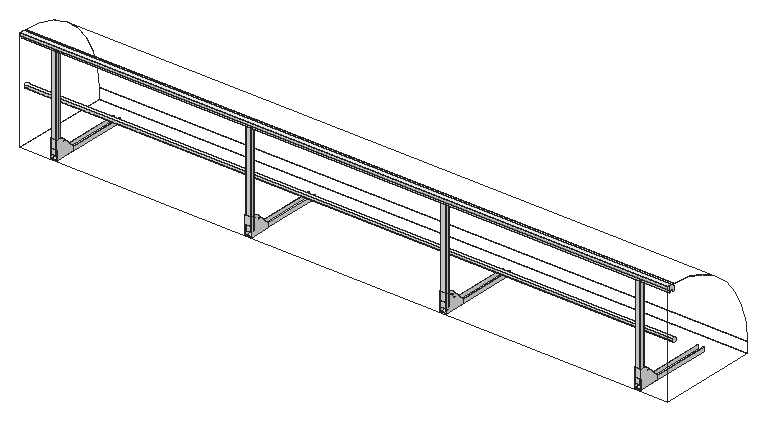
Revit family "Guardrail_Kattsafe_MetalDeckMount_FoldDown", category Specialty Equipment, Revit 2025
Family settings
  Round Connector Dimension = Use Diameter
  Part Type = Normal
  OmniClass Number = 23.17.25.11
  Enable Cutting in Views = No
  Cut with Voids When Loaded = No
  Maintain Annotation Orientation = No
  Shared = No
  Room Calculation Point = No
Parameters (values of type "Type 1")
  Uniclass2015Version = "Products v1.23"
  Uniclass2015Title = "Aluminium handrails"
  Uniclass2015Code = "Pr_25_30_36_03"
  URL = "https://kattsafe.com.au/"
  Type IFC Predefined Type = "GUARDRAIL"
  Type Comments = "Guardrail - Metal Deck Mount - Fold Down"
  SafetyDisclaimer [instance] = "WARNING! The correct placement of access, fall protection and facade maintenance systems is critical to ensure it is fit-for-purpose and safe for the operator to use. Did you know Kattsafe® have a dedicated team of Height Safety System Design Specialists? Kattsafe® provide one-on-one consultation and system design assistance to ensure you are meeting the stringent requirements of height safety and to give you PEACE OF MIND with your project."  # constant formula
  PostsHeightCalc [instance] = if(1 = 1, ManufacturerOverallHeight - 108 mm, 0 mm)  # 942 mm
  PostAngle [instance] = if(Folded, 178.50°, 90.00°)  # 90.00°
  RailClosureBendEnd2 [instance] = no
  RailClosureBendEnd1 [instance] = no
  PostsSingleOption [instance] = if(and(([built-in parameter 1001306] - 56 mm - (PostsOffsetLength * 2)) < 1 mm, ([built-in parameter 1001306] - 56 mm) > 1999 mm), 1 > 0, 1 < 0)  # no
  PostsActualNumberOf [instance] = PostsOffsetLengthCalc3  # 4
  PostsOffsetLengthCalc3 [instance] = if(PostsOffsetLengthCalc > PostsOffsetLengthCalc2, rounddown(PostsOffsetLengthCalc2), PostsOffsetLengthCalc)  # 4
  PostsOffsetLengthCalc2 [instance] = (PostsOverallLength / PostsMaxSpacingLength) + 2  # 4.972
  PostsOffsetLengthCalc [instance] = (PostsOverallLength / PostsMaxSpacingLength) + 2  # 5
  PostsNumberOfCalc3 [instance] = if(and(PostsNumberOfCalc > PostsNumberOfCalc2, PostsOverallLength > PostsMaxSpacingLength * 2), rounddown(PostsNumberOfCalc2), if(PostsOverallLength < (PostsMaxSpacingLength * 2) + 1 mm, 2, PostsNumberOfCalc))  # 2
  PostsNumberOfCalc2 [instance] = (PostsOverallLength / PostsMaxSpacingLength)  # 2.972
  PostsNumberOfCalc [instance] = (PostsOverallLength / PostsMaxSpacingLength)  # 3
  PostsMaxSpacingLength = 2000 mm  # constant formula
  PostsHeight = if(1 = 1, ManufacturerOverallHeight - 42 mm, 0 mm)  # 1008 mm
  PostsArrayOption [instance] = if(([built-in parameter 1001306] - 56 mm - (PostsOffsetLength * 2)) < 1 mm, 1 < 0, 1 > 0)  # yes
  PostsOverallLength [instance] = if(1 = 1, [built-in parameter 1001306] - 56 mm, 0 mm)  # 5944 mm
  Material = Aluminum_Kattsafe_Satin
  KneerailOffsetHeightCalc2 [instance] = if(KneerailOffsetHeight > 450 mm, 450 mm, KneerailOffsetHeight)  # 435 mm
  KneerailOffsetHeightCalc [instance] = if(or(RailClosureBendEnd1, RailClosureBendEnd2), 435 mm, KneerailOffsetHeightCalc2)  # 435 mm
  KneerailOffsetHeight [instance] = 435 mm
  PostsOffsetLength [instance] = PostsOverallLength / (PostsOffsetLengthCalc3 - 1)  # 1981.333 mm
  KneerailEnd2OverhangLengthCalc [instance] = if(RailClosureBendEnd2, 200 mm, HandrailEnd2OverhangLengthCalc + KneerailOffsetLengthEnd2)  # 300 mm
  KneerailOffsetLengthEnd2 [instance] = 0 mm
  KneerailEnd1OverhangLengthCalc [instance] = if(RailClosureBendEnd1, 200 mm, HandrailEnd1OverhangLengthCalc + KneerailOffsetLengthEnd1)  # 300 mm
  KneerailOffsetLengthEnd1 [instance] = 0 mm
  KneerailAngledOffsetHeight [instance] = KneerailOffsetHeightCalc + (-HandrailAngledOffsetHeight)  # 492 mm
  HandrailEnd2OverhangLengthCalc [instance] = if(RailClosureBendEnd2, 0 mm, HandrailOverhangLengthEnd2)  # 300 mm
  HandrailOverhangLengthEnd2 [instance] = 300 mm
  HandrailEnd1OverhangLengthCalc [instance] = if(RailClosureBendEnd1, 0 mm, HandrailOverhangLengthEnd1)  # 300 mm
  HandrailOverhangLengthEnd1 [instance] = 300 mm
  ModifiedIssue = 20240430
  Model = "GW32"
  ManufacturerURLProductSpecific = "https://kattsafe.com.au/products/guardrails-walkway/guardrail-only-gw"
  ManufacturerSpecCode = Model  # "GW32"
  ManufacturerOverallWidth = 800 mm  # constant formula
  ManufacturerOverallLength [instance] = [built-in parameter 1001306]  # 6000 mm
  ManufacturerOverallHeight = 1050 mm  # constant formula
  Manufacturer = "Kattsafe®"  # constant formula
  built-in parameter 1001306 [instance] = 6000 mm
  IfcExportType = "GUARDRAIL"
  IfcExportAs = "IfcRailing"
  HandrailClosureAngledOffsetHeight [instance] = if(Folded, -487 mm, -532 mm)  # -532 mm
  HandrailAngledOffsetHeight [instance] = if(Folded, -12 mm, -57 mm)  # -57 mm
  GuardrailHeight = ManufacturerOverallHeight  # 1050 mm
  Folded [instance] = no
  Export Type to IFC As = "IfcRailing"
  Description = "Kattsafe guardrail systems are the preferred method of safe access across roofs and areas close to a fall edge. The system requires no specialist PPE, personnel or training to safely prevent a fall with a walkway to designate a safe path of access across the roof surface."  # constant formula
  Default Elevation = 0 mm
  CreatedBy = "IGS BIM Solutions"  # constant formula
  CreatedByURL = "https://igsgroup.com.au"
  RequiredSpace [instance] = yes
  ClearanceZoneEnd1Calc [instance] = if(RailClosureBendEnd1, 400 mm, 0 mm)  # 0 mm
  ClearanceZoneEnd2Calc [instance] = if(RailClosureBendEnd2, 400 mm, 0 mm)  # 0 mm
  Assembly Code = "E1090100"
Reference planes
  plane 1 "Post_Back_Calc": y = -762
  plane 2 "Bottom": z = 0
  plane 3 "Left": x = 0
  plane 4 "Right": x = 6000
  plane 5 "Top": z = 1050
  plane 6 "Front": y = -800
  plane 7 "Post_Back": y = -762
  plane 8 "Post_Centre (Front/Back)": y = -781
  plane 9 "Kneerail_Top": z = 558
  plane 10 "Handrail_Bottom": z = 993
  plane 11 "Post_Array_Left": x = 2009.333
  plane 12 "Post_Array_Right": x = 3990.667
  plane 13 "Center (Left/Right)": x = 3000
  plane 14 "Post_Left_Centre (Left/Right)": x = 28
  plane 15 "Kneerail_Left": x = -300
  plane 16 "Post_Left": x = 0
  plane 17 "Handrail_Left": x = -300
  plane 18 "Post_Right_Centre (Left/Right)": x = 5972
  plane 19 "Kneerail_Right": x = 6300
  plane 20 "Post_Right": x = 6000
  plane 21 "Handrail_Right": x = 6300
  plane 22 "Post_Front": y = -800
  plane 23 "Left_Calc": x = 0
  plane 24 "Right_Calc": x = 6000
  plane 25 "Angle_Bottom": z = 108
  plane 26 "Back": y = 0
Lines and regions (mm)
  reference lines
    curve 1: line (0, -762, 0) -> (6000, -762, 0)
    curve 2: line (0, -762, 0) -> (0.961, -762, 0)
    curve 3: line (6000, -762, 0) -> (5998.961, -762, 0)
    curve 4: line (0, -800, 108) -> (0, -800, 1050)
Text (mm)
  text "Disclaimer:\nDue to ongoing product development and manufacturing \nevolution, product details are subject to change without \nnotice. Please refer to product technical data sheets on \nthe manufacturers website for the most current product \ninformation. Please allow a +/- 5mm manufacturing \ntolerance for dimensions and set-outs shown in product \nliterature." at (9995.56, 2310.991, 0), in view "Ref. Level"
Dimensions and locks
  "built-in parameter 1001306": plane 3 "Left" to plane 4 "Right"
  "ManufacturerOverallHeight": plane 5 "Top" to plane 2 "Bottom"
  "KneerailOffsetHeightCalc": plane 10 "Handrail_Bottom" to plane 9 "Kneerail_Top"
  "PostsOffsetLength": plane 12 "Post_Array_Right" to plane 18 "Post_Right_Centre (Left/Right)"
  locked: plane 5 "Top" to plane 10 "Handrail_Bottom" at 57
  "PostsOffsetLength": plane 14 "Post_Left_Centre (Left/Right)" to plane 11 "Post_Array_Left"
  locked: plane 16 "Post_Left" to plane 14 "Post_Left_Centre (Left/Right)" at 28
  locked: plane 23 "Left_Calc" to plane 16 "Post_Left" at 0
  "HandrailEnd1OverhangLengthCalc": plane 17 "Handrail_Left" to plane 16 "Post_Left"
  "KneerailEnd1OverhangLengthCalc": plane 15 "Kneerail_Left" to plane 16 "Post_Left"
  locked: plane 20 "Post_Right" to plane 18 "Post_Right_Centre (Left/Right)" at 28
  equal spacing: plane 3 "Left", plane 13 "Center (Left/Right)", plane 4 "Right"
  locked: plane 20 "Post_Right" to plane 24 "Right_Calc" at 0
  "KneerailEnd2OverhangLengthCalc": plane 20 "Post_Right" to plane 19 "Kneerail_Right"
  "HandrailEnd2OverhangLengthCalc": plane 20 "Post_Right" to plane 21 "Handrail_Right"
  locked: curve 4 to nested 4 at 19
  locked: curve 4 to nested 5 at 38
  locked: curve 4 to nested 6 at 19
  locked: plane 3 "Left" to plane 23 "Left_Calc"
  locked: plane 24 "Right_Calc" to plane 4 "Right"
  locked: plane 6 "Front" to plane 22 "Post_Front" at 0
  locked: plane 22 "Post_Front" to plane 7 "Post_Back" at 38
  group 1 to group 2 = 1981.333 mm
  group 1 to group 2 = 0 mm  (x2)
  locked: plane 25 "Angle_Bottom" to plane 2 "Bottom" at 108
  "PostsHeightCalc": curve 4 to curve 4
  "ClearanceZoneEnd1Calc": nested 10 to plane 17 "Handrail_Left"
  "ClearanceZoneEnd2Calc": plane 21 "Handrail_Right" to nested 10
  equal spacing: plane 22 "Post_Front", plane 8 "Post_Centre (Front/Back)", plane 7 "Post_Back"
  locked: plane 1 "Post_Back_Calc" to plane 7 "Post_Back" at 0
  "ManufacturerOverallWidth": plane 6 "Front" to plane 26 "Back"
  "PostAngle": angle plane 2 "Bottom" to curve 4
  aligned and locked: plane 4 "Right" to curve 1
  aligned and locked: plane 1 "Post_Back_Calc" to curve 1
  aligned and locked: plane 3 "Left" to curve 1
  aligned and locked: level to plane 2 "Bottom"
  aligned and locked: plane 4 "Right" to curve 3
  aligned and locked: plane 2 "Bottom" to nested 1
  aligned and locked: plane 2 "Bottom" to nested 2
  aligned and locked: plane 22 "Post_Front" to curve 4
  aligned and locked: nested 6 to plane 17 "Handrail_Left"
  aligned and locked: plane 17 "Handrail_Left" to nested 4
  aligned and locked: plane 15 "Kneerail_Left" to nested 5
  aligned and locked: plane 19 "Kneerail_Right" to nested 5
  aligned and locked: plane 21 "Handrail_Right" to nested 4
  aligned and locked: plane 21 "Handrail_Right" to nested 7
  aligned and locked: plane 18 "Post_Right_Centre (Left/Right)" to nested 2
  aligned and locked: nested 3 to plane 11 "Post_Array_Left"
  aligned and locked: nested 1 to plane 14 "Post_Left_Centre (Left/Right)"
  aligned and locked: nested 8 to plane 11 "Post_Array_Left"
  aligned and locked: plane 2 "Bottom" to nested 8
  aligned and locked: nested 9 to plane 12 "Post_Array_Right"
  aligned and locked: plane 2 "Bottom" to nested 9
  aligned and locked: plane 25 "Angle_Bottom" to curve 4
  aligned and locked: plane 7 "Post_Back" to nested 10
  aligned and locked: plane 8 "Post_Centre (Front/Back)" to nested 1
  aligned and locked: plane 8 "Post_Centre (Front/Back)" to nested 8
  aligned and locked: plane 8 "Post_Centre (Front/Back)" to nested 3
  aligned and locked: plane 8 "Post_Centre (Front/Back)" to nested 9
  aligned and locked: plane 8 "Post_Centre (Front/Back)" to nested 2
Automatic sketch dimensions
  plane 3 "Left" to curve 2 = 0.961 mm
  curve 3 to plane 4 "Right" = 1.039 mm
  curve 2 to plane 3 "Left" = 0 mm
  plane 1 "Post_Back_Calc" to curve 3 = 0 mm
  plane 1 "Post_Back_Calc" to curve 2 = 0 mm
Nested families
  nested 1: "z_Guardrail_RoofMount_Kattsafe_FoldDown" at (2.215, -800, 0) x (-1, 0, 0) z (0, 0, 1), ManufacturerOverallHeight <- "PostsHeight", Folded_Option <- "Folded", Material <- "Material", type "GW359D"
    with RoofPitch_Calc 90.00°, Post_Offset_Height 65 mm, Post_Height_Calc 900 mm, Post_Height 965 mm, Post_Angle 0.00°, Material Aluminum_Kattsafe_Satin, ManufacturerOverallHeight 1008 mm, Folded_Option no
  nested 2: "z_Guardrail_RoofMount_Kattsafe_FoldDown" at (5946.215, -800, 0) x (-1, 0, 0) z (0, 0, 1), ManufacturerOverallHeight <- "PostsHeight", Folded_Option <- "Folded", Material <- "Material", type "GW359D"
    with RoofPitch_Calc 90.00°, Post_Offset_Height 65 mm, Post_Height_Calc 900 mm, Post_Height 965 mm, Post_Angle 0.00°, Material Aluminum_Kattsafe_Satin, ManufacturerOverallHeight 1008 mm, Folded_Option no
  nested 3: "z_Guardrail_RoofMount_Kattsafe_FoldDown" at (1983.549, -800, 0) x (-1, 0, 0) z (0, 0, 1), ManufacturerOverallHeight <- "PostsHeight", visible <- "PostsSingleOption", Folded_Option <- "Folded", Material <- "Material", type "GW359D"
    with RoofPitch_Calc 90.00°, Post_Offset_Height 65 mm, Post_Height_Calc 900 mm, Post_Height 965 mm, Post_Angle 0.00°, Material Aluminum_Kattsafe_Satin, ManufacturerOverallHeight 1008 mm, Folded_Option no
  nested 4: "z_Guardrail_Kattsafe_HandrailTube" at (-274.215, -781, 993), built-in parameter 1001364 <- "HandrailAngledOffsetHeight", Material <- "Material", type "GW374"
    with Material Aluminum_Kattsafe_Satin, ManufacturerOverallLength 6600 mm
  nested 5: "z_Guardrail_Kattsafe_KneerailTube" at (-274.215, -744.85, 558) x (1, 0, 0) z (0, 0, -1), built-in parameter 1001364 <- "KneerailAngledOffsetHeight", Material <- "Material", type "GW375"
    with Material Aluminum_Kattsafe_Satin, ManufacturerOverallLength 6600 mm
  nested 6: "z_Guardrail_Kattsafe_HandrailClosureBend" at (-674.215, -781, 518), built-in parameter 1001364 <- "HandrailClosureAngledOffsetHeight", visible <- "RailClosureBendEnd1", Material <- "Material", type "GW387"
    with Material Aluminum_Kattsafe_Satin, ManufacturerOverallLength 400 mm
  nested 7: "z_Guardrail_Kattsafe_HandrailClosureBend" at (6674.215, -781, 518) x (-1, 0, 0) z (0, 0, 1), built-in parameter 1001364 <- "HandrailClosureAngledOffsetHeight", visible <- "RailClosureBendEnd2", Material <- "Material", type "GW387"
    with Material Aluminum_Kattsafe_Satin, ManufacturerOverallLength 400 mm
  nested 8: "z_Guardrail_RoofMount_Kattsafe_FoldDown" at (1983.549, -800, 0) x (-1, 0, 0) z (0, 0, 1), ManufacturerOverallHeight <- "PostsHeight", visible <- "PostsArrayOption", Folded_Option <- "Folded", Material <- "Material", type "GW359D"
    with RoofPitch_Calc 90.00°, Post_Offset_Height 65 mm, Post_Height_Calc 900 mm, Post_Height 965 mm, Post_Angle 0.00°, Material Aluminum_Kattsafe_Satin, ManufacturerOverallHeight 1008 mm, Folded_Option no
  nested 9: "z_Guardrail_RoofMount_Kattsafe_FoldDown" at (3964.882, -800, 0) x (-1, 0, 0) z (0, 0, 1), ManufacturerOverallHeight <- "PostsHeight", visible <- "PostsArrayOption", Folded_Option <- "Folded", Material <- "Material", type "GW359D"
    with RoofPitch_Calc 90.00°, Post_Offset_Height 65 mm, Post_Height_Calc 900 mm, Post_Height 965 mm, Post_Angle 0.00°, Material Aluminum_Kattsafe_Satin, ManufacturerOverallHeight 1008 mm, Folded_Option no
  nested 10: "z_Walkway_Kattsafe_ClearanceZone" at (-274.215, -754.793, 0), ManufacturerOverallHeight <- "ManufacturerOverallHeight", visible <- "RequiredSpace", type "Type 1"
    with Radius 942 mm, ManufacturerOverallWidth 1011.4 mm, ManufacturerOverallLength 6600 mm, ManufacturerOverallHeight 1050 mm
Definition of nested family "z_Guardrail_RoofMount_Kattsafe_FoldDown"
  Parameters (values of type "GW359D")
    URL = "https://kattsafe.com.au/"
    Type Comments = ""
    RoofPitch_Calc [instance] = if(1 = 1, Post_Angle + 90.00°, 0.00°)  # 90.00°
    Post_Angle [instance] = if(Folded_Option, 88.50°, 0.00°)  # 0.00°
    Post_Offset_Height [instance] = if(Post_Angle = 0.00°, 65 mm, 20 mm)  # 65 mm
    Post_Height_Calc [instance] = if(1 = 1, ManufacturerOverallHeight - 108 mm, 0 mm)  # 895 mm
    Post_Height [instance] = if(1 = 1, ManufacturerOverallHeight - 43 mm, 0 mm)  # 960 mm
    Material [instance] = none
    Folded_Option [instance] = no
    ModifiedIssue = 20191023
    Model = "GW359D"
    ManufacturerURLProductSpecific = ""
    ManufacturerSpecCode = Model  # "GW359D"
    ManufacturerOverallWidth = 70 mm  # constant formula
    ManufacturerOverallHeight [instance] = 1003 mm
    ManufacturerOverallDepth = 800 mm  # constant formula
    Manufacturer = "SAYFA"  # constant formula
    Keynote = ""
    Description = "Sentry Fold Down Top Mount Guardrail Post"
    Default Elevation = 0 mm  # constant formula
    CreatedBy = "IGS BIM Solutions"  # constant formula
    CreatedByURL = "https://igsgroup.com.au"
  Reference planes
    plane 1 "Bottom": z = 0
    plane 2 "Post_Back": y = 0
    plane 3 "Post_Front": y = -38
    plane 4 "Center (Left/Right)": x = -25.785
    plane 5 "Top": z = 1003
    plane 6 "Post_Right": x = 2.215
    plane 7 "Post_Left": x = -53.785
    plane 8 "Front": y = -800
    plane 9 "Base Channel_Top": z = 38
    plane 10 "Post_Centre (Front/Back)": y = -19
    plane 11 "Left": x = -60.785
    plane 12 "Right": x = 9.215
    plane 13 "Back": y = 0
    plane 14 "Angle_Bottom": z = 108
  Forms (mm)
    Sweep 1, solid, material <- "Material"
      path origin (-25.785, 187, 0) x (0, 1, 0) y (0, 0, 1)
        loop
          line (-187, 38) -> (-987, 38)
      profile origin (-25.785, -400, 38) x (0, 0, -1) y (1, 0, 0)
        loop
          line (38, 32.5) -> (1.5, 32.5)
          arc (1.5, 32.5) -> (0, 31) -> (1.5, 29.5) r 1.5
          line (1.5, 29.5) -> (35, 29.5) -> (35, -29.5) -> (1.5, -29.5)
          arc (1.5, -29.5) -> (0, -31) -> (1.5, -32.5) r 1.5
          line (1.5, -32.5) -> (38, -32.5) -> (38, 32.5)
    Sweep 2, solid, material <- "Material"
      path origin (-25.785, 0, 108) x (0, 0, 1) y (0, -1, 0)
        loop
          line (-65, 0) -> (895, 0)
      profile origin (-25.785, 0, 523) x (0, -1, 0) y (1, 0, 0)
        loop
          arc (0, -23) -> (1.464, -26.536) -> (5, -28) r 5
          line (5, -28) -> (33, -28)
          arc (33, -28) -> (36.536, -26.536) -> (38, -23) r 5
          line (38, -23) -> (38, 23)
          arc (38, 23) -> (36.536, 26.536) -> (33, 28) r 5
          line (33, 28) -> (5, 28)
          arc (5, 28) -> (1.464, 26.536) -> (0, 23) r 5
          line (0, 23) -> (0, -23)
    Extrusion 3, solid, material <- "Material"
      sketch origin (-60.785, 0, 0) x (0, 1, 0) y (0, 0, 1)
        loop
          line (0, 0) -> (0, 185) -> (-32.8, 185)
          arc (-32.8, 185) -> (-60.69, 179.452) -> (-84.333, 163.654) r 72.879
          line (-84.333, 163.654) -> (-198.534, 49.453)
          arc (-198.534, 49.453) -> (-200.965, 45.816) -> (-201.818, 41.525) r 11.212
          line (-201.818, 41.525) -> (-201.818, 0) -> (0, 0)
        loop
          arc (-29.4, 159.937) -> (-27.658, 159.394) -> (-26.909, 157.729) r 2.224
          line (-26.909, 157.729) -> (-26.909, 143.568)
          arc (-26.909, 143.568) -> (-21.303, 137.962) -> (-15.697, 143.568) r 5.606
          line (-15.697, 143.568) -> (-15.697, 166.032)
          arc (-15.697, 166.032) -> (-17.339, 169.996) -> (-21.303, 171.638) r 5.606
          arc (-21.303, 171.638) -> (-76.883, 148.616) -> (-99.905, 93.036) r 78.602
          arc (-99.905, 93.036) -> (-94.299, 87.43) -> (-88.692, 93.036) r 5.606
          arc (-88.692, 93.036) -> (-71.736, 137.733) -> (-29.4, 159.937) r 67.389
      from 0 to 2.5
    Extrusion 4, solid, material <- "Material"
      sketch origin (0, 0, 0) x (-1, 0, 0) y (0, 0, 1)
        loop
          line (-9.215, 185) -> (-9.215, 100.977) -> (60.785, 100.977) -> (60.785, 185) -> (-9.215, 185)
      from 0 to 2
    Extrusion 5, solid, material <- "Material"
      sketch origin (9.215, 0, 0) x (0, 1, 0) y (0, 0, -1)
        loop
          line (0, 0) -> (-201.818, 0) -> (-201.818, -41.525)
          arc (-201.818, -41.525) -> (-200.965, -45.816) -> (-198.534, -49.453) r 11.212
          line (-198.534, -49.453) -> (-84.333, -163.654)
          arc (-84.333, -163.654) -> (-60.69, -179.452) -> (-32.8, -185) r 72.879
          line (-32.8, -185) -> (0, -185) -> (0, 0)
        loop
          arc (-29.4, -159.937) -> (-71.736, -137.733) -> (-88.692, -93.036) r 67.389
          arc (-88.692, -93.036) -> (-94.299, -87.43) -> (-99.905, -93.036) r 5.606
          arc (-99.905, -93.036) -> (-76.883, -148.616) -> (-21.303, -171.638) r 78.602
          arc (-21.303, -171.638) -> (-17.339, -169.996) -> (-15.697, -166.032) r 5.606
          line (-15.697, -166.032) -> (-15.697, -143.568)
          arc (-15.697, -143.568) -> (-21.303, -137.962) -> (-26.909, -143.568) r 5.606
          line (-26.909, -143.568) -> (-26.909, -157.729)
          arc (-26.909, -157.729) -> (-27.658, -159.394) -> (-29.4, -159.937) r 2.224
      from 0 to 2.5
  Cuts and joins
    joined: Extrusion 3, Extrusion 4
  Lines and regions (mm)
    reference lines
      curve 1: line (-25.785, 0, 108) -> (-25.785, 0, 1003)
  Dimensions and locks
    "ManufacturerOverallHeight": plane 5 "Top" to plane 1 "Bottom"
    locked: plane 7 "Post_Left" to plane 6 "Post_Right" at 56
    "ManufacturerOverallDepth": plane 13 "Back" to plane 8 "Front"
    equal spacing: plane 7 "Post_Left", plane 4 "Center (Left/Right)", plane 6 "Post_Right"
    locked: plane 9 "Base Channel_Top" to plane 1 "Bottom" at 38
    Sweep 1 sketch curve to profile plane to Sweep 1 sketch curve = 32.5 mm locked, 32.5 mm locked
    Sweep 1 sketch curve to profile plane to Sweep 1 sketch curve = 29.5 mm locked, 29.5 mm locked
    locked: profile plane to Sweep 1 sketch curve
    locked: profile plane to Sweep 1 sketch curve at 0
    profile plane to Sweep 1 sketch curve = 38 mm
    equal spacing: plane 3 "Post_Front", plane 10 "Post_Centre (Front/Back)", plane 2 "Post_Back"
    locked: profile plane to Sweep 1 sketch curve at 35
    equal spacing: plane 11 "Left", plane 4 "Center (Left/Right)", plane 12 "Right"
    "ManufacturerOverallWidth": plane 11 "Left" to plane 12 "Right"
    locked: plane 2 "Post_Back" to plane 3 "Post_Front" at 38
    "Post_Height_Calc": curve 1 to curve 1
    locked: plane 13 "Back" to plane 2 "Post_Back" at 0
    plane 9 "Base Channel_Top" to plane 14 "Angle_Bottom" = 70 mm
    locked: plane 1 "Bottom" to Extrusion 4 sketch curve at 185
    Extrusion 4 sketch curve to plane 14 "Angle_Bottom" = 7.023 mm
    locked: Sweep 2 sketch curve to Sweep 2 sketch curve at 56
    "Post_Offset_Height": curve 1 to Sweep 2 sketch curve
    locked: Extrusion 3 sketch curve to plane 1 "Bottom" at 185
    locked: Extrusion 5 sketch curve to plane 1 "Bottom" at 185
    "Post_Height": Sweep 2 sketch curve to Sweep 2 sketch curve
    radius of Sweep 2 sketch curve = 5 mm  (x4)
    "RoofPitch_Calc": angle curve 1 to plane 1 "Bottom"
    aligned and locked: level to plane 1 "Bottom"
    aligned and locked: Sweep 2 sketch curve to curve 1
    aligned and locked: Extrusion 3 to plane 11 "Left"
    aligned and locked: Extrusion 4 to plane 11 "Left"
    aligned and locked: Extrusion 4 to plane 12 "Right"
    aligned and locked: cut or joined group of Extrusion 3, Extrusion 4 to plane 13 "Back"
    aligned and locked: plane 14 "Angle_Bottom" to curve 1
    aligned and locked: cut or joined group of Extrusion 3, Extrusion 4 to plane 11 "Left"
    aligned and locked: Extrusion 5 to plane 12 "Right"
    aligned and locked: Sweep 1 to plane 8 "Front"
    aligned and locked: plane 13 "Back" to curve 1
  Automatic sketch dimensions
    Extrusion 3 sketch curve to Extrusion 3 sketch curve = 0 mm  (x4)
    Extrusion 3 sketch curve to level = 0 mm
    Extrusion 3 sketch curve to plane 2 "Post_Back" = 0 mm
    plane 10 "Post_Centre (Front/Back)" to Extrusion 3 sketch curve = 3.303 mm
    Extrusion 3 sketch curve to plane 10 "Post_Centre (Front/Back)" = 2.303 mm  (x2)
    Extrusion 3 sketch curve to Extrusion 3 sketch curve = 2.224 mm
    plane 3 "Post_Front" to Extrusion 3 sketch curve = 5.2 mm
    Extrusion 3 sketch curve to plane 3 "Post_Front" = 56.299 mm
    Extrusion 3 sketch curve to plane 9 "Base Channel_Top" = 3.525 mm
    Extrusion 3 sketch curve to Extrusion 3 sketch curve = 96.308 mm
    Extrusion 3 sketch curve to plane 9 "Base Channel_Top" = 11.453 mm
    Extrusion 3 sketch curve to Extrusion 3 sketch curve = 7.928 mm
    plane 14 "Angle_Bottom" to Extrusion 3 sketch curve = 14.964 mm
    Extrusion 3 sketch curve to Extrusion 3 sketch curve = 19.085 mm
    Extrusion 3 sketch curve to Extrusion 3 sketch curve = 31.446 mm
    Extrusion 3 sketch curve to Extrusion 3 sketch curve = 14.162 mm
    Extrusion 3 sketch curve to Extrusion 3 sketch curve = 3.717 mm
    Extrusion 3 sketch curve to Extrusion 3 sketch curve = 8.302 mm
    Extrusion 5 sketch curve to Extrusion 5 sketch curve = 0 mm  (x4)
    Extrusion 5 sketch curve to level = 0 mm
    Extrusion 5 sketch curve to plane 2 "Post_Back" = 0 mm
    Extrusion 5 sketch curve to plane 10 "Post_Centre (Front/Back)" = 3.303 mm
    plane 10 "Post_Centre (Front/Back)" to Extrusion 5 sketch curve = 2.303 mm  (x2)
    Extrusion 5 sketch curve to Extrusion 5 sketch curve = 2.224 mm
    Extrusion 5 sketch curve to plane 3 "Post_Front" = 5.2 mm
    plane 3 "Post_Front" to Extrusion 5 sketch curve = 56.299 mm
    plane 9 "Base Channel_Top" to Extrusion 5 sketch curve = 3.525 mm
    Extrusion 5 sketch curve to Extrusion 5 sketch curve = 96.308 mm
    plane 9 "Base Channel_Top" to Extrusion 5 sketch curve = 11.453 mm
    Extrusion 5 sketch curve to Extrusion 5 sketch curve = 7.928 mm
    Extrusion 5 sketch curve to plane 14 "Angle_Bottom" = 14.964 mm
    Extrusion 5 sketch curve to Extrusion 5 sketch curve = 19.085 mm
    Extrusion 5 sketch curve to Extrusion 5 sketch curve = 31.446 mm
    Extrusion 5 sketch curve to Extrusion 5 sketch curve = 14.162 mm
    Extrusion 5 sketch curve to Extrusion 5 sketch curve = 3.717 mm
    Extrusion 5 sketch curve to Extrusion 5 sketch curve = 8.302 mm
    Sweep 1 sketch curve to plane 8 "Front" = 0 mm
    Sweep 1 sketch curve to plane 2 "Post_Back" = 0 mm
    plane 9 "Base Channel_Top" to Sweep 1 sketch curve = 0 mm
    Sweep 2 sketch curve to Sweep 2 sketch curve = 28 mm
    Sweep 2 sketch curve to plane 4 "Center (Left/Right)" = 28 mm
    plane 12 "Right" to Extrusion 4 sketch curve = 0 mm
    Extrusion 4 sketch curve to plane 11 "Left" = 0 mm
    Sweep 2 sketch curve to profile plane = 0 mm
Definition of nested family "z_Guardrail_Kattsafe_HandrailTube"
  Parameters (values of type "GW374")
    URL = "https://kattsafe.com.au/"
    Type Comments = ""
    ModifiedIssue = 20191023
    Model = "GW374"
    Material [instance] = none
    ManufacturerURLProductSpecific = ""
    ManufacturerSpecCode = Model  # "GW374"
    ManufacturerOverallWidth = 50 mm  # constant formula
    ManufacturerOverallLength [instance] = 6000 mm
    ManufacturerOverallHeight = 57 mm  # constant formula
    Manufacturer = "SAYFA"  # constant formula
    Keynote = ""
    Description = "Sentry Handrail Tube"
    Default Elevation = 0 mm  # constant formula
    CreatedBy = "IGS BIM Solutions"  # constant formula
    CreatedByURL = "https://igsgroup.com.au"
  Reference planes
    plane 1 "Bottom": z = 0
    plane 2 "Center (Front/Back)": y = 0
    plane 3 "Front": y = -25
    plane 4 "Left": x = -25.785
    plane 5 "Center (Left/Right)": x = 2974.215
    plane 6 "Top": z = 57
    plane 7 "Right": x = 5974.215
    plane 8 "Back": y = 25
    plane 9 "Rail_Top": z = 15
  Forms (mm)
    Extrusion 1, solid, material <- "Material"
      sketch origin (-25.785, 0, 0) x (0, 1, 0) y (0, 0, 1)
        loop
          arc (21, 18.435) -> (0, 57) -> (-21, 18.435) r 25
          line (-21, 18.435) -> (-21, 0) -> (-20, 0) -> (-20, 15) -> (20, 15) -> (20, 0) -> (21, 0) -> (21, 18.435)
      from 0 to 6000
  Dimensions and locks
    "ManufacturerOverallWidth": plane 8 "Back" to plane 3 "Front"
    "ManufacturerOverallHeight": plane 6 "Top" to plane 1 "Bottom"
    equal spacing: plane 4 "Left", plane 5 "Center (Left/Right)", plane 7 "Right"
    "ManufacturerOverallLength": plane 4 "Left" to plane 7 "Right"
    equal spacing: plane 8 "Back", plane 2 "Center (Front/Back)", plane 3 "Front"
    locked: plane 9 "Rail_Top" to plane 1 "Bottom" at 15
    aligned and locked: plane 1 "Bottom" to level
    aligned and locked: Extrusion 1 sketch curve to plane 1 "Bottom"  (x2)
    aligned and locked: Extrusion 1 to plane 4 "Left"
    aligned and locked: Extrusion 1 to plane 7 "Right"
  Automatic sketch dimensions
    Extrusion 1 sketch curve to plane 2 "Center (Front/Back)" = 0 mm
    Extrusion 1 sketch curve to Extrusion 1 sketch curve = 3.435 mm
    Extrusion 1 sketch curve to plane 9 "Rail_Top" = 3.435 mm
    Extrusion 1 sketch curve to Extrusion 1 sketch curve = 1 mm  (x2)
    plane 3 "Front" to Extrusion 1 sketch curve = 5 mm
    Extrusion 1 sketch curve to plane 9 "Rail_Top" = 17 mm
    plane 9 "Rail_Top" to Extrusion 1 sketch curve = 0 mm
Definition of nested family "z_Guardrail_Kattsafe_KneerailTube"
  Parameters (values of type "GW375")
    URL = "https://kattsafe.com.au/"
    Type Comments = ""
    ModifiedIssue = 20191023
    Model = "GW375"
    Material [instance] = none
    ManufacturerURLProductSpecific = ""
    ManufacturerSpecCode = Model  # "GW375"
    ManufacturerOverallWidth = 34.3 mm  # constant formula
    ManufacturerOverallLength [instance] = 6000 mm
    ManufacturerOverallHeight = 40 mm  # constant formula
    Manufacturer = "SAYFA"  # constant formula
    Keynote = ""
    Description = "Sentry Kneerail Tube"
    Default Elevation = 0 mm  # constant formula
    CreatedBy = "IGS BIM Solutions"  # constant formula
    CreatedByURL = "https://igsgroup.com.au"
  Reference planes
    plane 1 "Bottom": z = 0
    plane 2 "Center (Front/Back)": y = 1.438
    plane 3 "Front": y = -17.15
    plane 4 "Left": x = -25.785
    plane 5 "Center (Left/Right)": x = 2974.215
    plane 6 "Top": z = 40
    plane 7 "Right": x = 5974.215
    plane 8 "Back": y = 17.15
    plane 9 "Center (Elevation)": z = 20
  Forms (mm)
    Extrusion 1, solid, material <- "Material"
      sketch origin (2974.215, 0, 0) x (0, 1, 0) y (0, 0, -1)
        loop
          line (17.15, -32.374) -> (17.15, -7.626)
          arc (17.15, -7.626) -> (-1.443, -0.208) -> (-17.15, -12.617) r 20
          line (-17.15, -12.617) -> (-13.15, -12.617) -> (-13.15, -27.383) -> (-17.15, -27.383)
          arc (-17.15, -27.383) -> (-1.443, -39.792) -> (17.15, -32.374) r 20
      from -3000 to 3000
  Dimensions and locks
    "ManufacturerOverallWidth": plane 8 "Back" to plane 3 "Front"
    "ManufacturerOverallHeight": plane 6 "Top" to plane 1 "Bottom"
    equal spacing: plane 4 "Left", plane 5 "Center (Left/Right)", plane 7 "Right"
    "ManufacturerOverallLength": plane 4 "Left" to plane 7 "Right"
    equal spacing: plane 6 "Top", plane 9 "Center (Elevation)", plane 1 "Bottom"
    aligned and locked: plane 1 "Bottom" to level
    aligned and locked: Extrusion 1 to plane 7 "Right"
    aligned and locked: Extrusion 1 to plane 4 "Left"
  Automatic sketch dimensions
    Extrusion 1 sketch curve to Extrusion 1 sketch curve = 0 mm  (x2)
    Extrusion 1 sketch curve to plane 3 "Front" = 0 mm  (x2)
    Extrusion 1 sketch curve to plane 2 "Center (Front/Back)" = 0 mm
    Extrusion 1 sketch curve to plane 8 "Back" = 0 mm
    plane 9 "Center (Elevation)" to Extrusion 1 sketch curve = 0 mm
    Extrusion 1 sketch curve to Extrusion 1 sketch curve = 4 mm
    Extrusion 1 sketch curve to plane 9 "Center (Elevation)" = 7.383 mm
    plane 9 "Center (Elevation)" to Extrusion 1 sketch curve = 7.383 mm
Definition of nested family "z_Guardrail_Kattsafe_HandrailClosureBend"
  Parameters (values of type "GW387")
    URL = "https://kattsafe.com.au/"
    Type Comments = ""
    ModifiedIssue = 20191023
    Model = "GW387"
    Material [instance] = none
    ManufacturerURLProductSpecific = ""
    ManufacturerSpecCode = Model  # "GW387"
    ManufacturerOverallWidth = 50 mm  # constant formula
    ManufacturerOverallLength [instance] = 400 mm  # constant formula
    ManufacturerOverallHeight = 532 mm  # constant formula
    Manufacturer = "SAYFA"  # constant formula
    Keynote = ""
    Description = "Handrail Closure Bend"
    Default Elevation = 0 mm  # constant formula
    CreatedBy = "IGS BIM Solutions"  # constant formula
    CreatedByURL = "https://igsgroup.com.au"
  Reference planes
    plane 1 "Bottom": z = 0
    plane 2 "Center (Front/Back)": y = 0
    plane 3 "Front": y = -25
    plane 4 "Left": x = -25.785
    plane 5 "Center (Left/Right)": x = 174.215
    plane 6 "Top": z = 532
    plane 7 "Right": x = 374.215
    plane 8 "Handrail_Back": y = 25
    plane 9 "Kneerail_Centre (Front/Back)": y = 34.7
    plane 10 "Kneerail_Centre (Elevation)": z = 20
    plane 11 "Handrail_Centre (Elevation)": z = 507
    plane 12 "Back": y = 59.69
  Forms (mm)
    Sweep 1, solid, material <- "Material"
      path origin (0, 36.034, 1.282) x (1, 0, 0) y (0, -0.071072, 0.997471)
        loop
          line (374.215, 532) -> (74.215, 532)
          arc (74.215, 532) -> (3.505, 502.711) -> (-25.785, 432) r 100
          line (-25.785, 432) -> (-25.785, 93.9)
          arc (-25.785, 93.9) -> (3.505, 23.189) -> (74.215, -6.1) r 100
          line (74.215, -6.1) -> (164.215, -6.1)
      profile origin (224.215, -1.777, 531.937) x (0, 0.071072, -0.997471) y (0, -0.997471, -0.071072)
        loop
          circle (25, 0) r 25
    SweptBlend 2, solid, material <- "Material"
      path origin (0, 34.7, 0) x (-1, 0, 0) y (0, 0, 1)
        loop
          line (-164.215, 20) -> (-174.215, 20)
      profile origin (164.215, 34.7, 20) x (0, 0, 1) y (0, -1, 0)
        loop
          circle (0, 0) r 25
      end profile origin (174.215, 34.7, 20) x (0, 0, 1) y (0, -1, 0)
        loop
          circle (0, 0) r 20
  Lines and regions (mm)
    symbolic lines
      curve 1: circle (374.215, 34.7, 20) r 25 normal (1, 0, 0)
  Dimensions and locks
    "ManufacturerOverallWidth": plane 8 "Handrail_Back" to plane 3 "Front"
    "ManufacturerOverallHeight": plane 6 "Top" to plane 1 "Bottom"
    equal spacing: plane 4 "Left", plane 5 "Center (Left/Right)", plane 7 "Right"
    "ManufacturerOverallLength": plane 4 "Left" to plane 7 "Right"
    equal spacing: plane 8 "Handrail_Back", plane 2 "Center (Front/Back)", plane 3 "Front"
    locked: plane 2 "Center (Front/Back)" to plane 9 "Kneerail_Centre (Front/Back)" at 34.7
    locked: profile plane to Sweep 1 sketch curve at 25
    Sweep 1 sketch curve to plane 5 "Center (Left/Right)" = 10 mm
    locked: plane 12 "Back" to plane 3 "Front" at 84.69
    radius of Sweep 1 sketch curve = 100 mm  (x2)
    radius of SweptBlend 2 sketch curve = 25 mm
    radius of SweptBlend 2 sketch curve = 20 mm
    aligned and locked: plane 1 "Bottom" to level
    aligned and locked: Sweep 1 sketch curve to plane 4 "Left"
    aligned and locked: profile plane to Sweep 1 sketch curve
    aligned and locked: plane 10 "Kneerail_Centre (Elevation)" to SweptBlend 2 sketch curve
    aligned and locked: profile plane to SweptBlend 2 sketch curve  (x4)
  Automatic sketch dimensions
    curve 1 to plane 9 "Kneerail_Centre (Front/Back)" = 0 mm
    plane 10 "Kneerail_Centre (Elevation)" to curve 1 = 0 mm
    Sweep 1 sketch curve to plane 7 "Right" = 0 mm
    Sweep 1 sketch curve to Sweep 1 sketch curve = 338.1 mm
    plane 5 "Center (Left/Right)" to SweptBlend 2 sketch curve = 0 mm
    SweptBlend 2 sketch curve to plane 5 "Center (Left/Right)" = 10 mm
    radius of curve 1 = 25 mm
    radius of Sweep 1 sketch curve = 25 mm
Definition of nested family "z_Walkway_Kattsafe_ClearanceZone"
  Parameters (values of type "Type 1")
    Radius [instance] = ManufacturerOverallHeight - 108 mm  # 942 mm
    URL = "https://kattsafe.com.au/"
    Type Comments = ""
    Model = ""
    Material = none
    ManufacturerOverallWidth [instance] = Radius + 69.4 mm  # 1011.4 mm
    ManufacturerOverallLength [instance] = 6000 mm
    ManufacturerOverallHeight [instance] = 1050 mm
    Manufacturer = "SAYFA"  # constant formula
    Keynote = ""
    Description = ""
    Default Elevation = 0 mm  # constant formula
    CreatedBy = "IGS BIM Solutions"  # constant formula
    CreatedByURL = "https://igsgroup.com.au"
  Reference planes
    plane 1 "Bottom": z = 0
    plane 2 "Center (Front/Back)": y = 0
    plane 3 "Front": y = -69.407
    plane 4 "Left": x = -25.785
    plane 5 "Center (Left/Right)": x = 2974.215
    plane 6 "Top": z = 1050
    plane 7 "Right": x = 5974.215
    plane 8: z = 108
    plane 9 "Post_Front": y = -7.207
    plane 10 "Back": y = 941.993
  Forms (mm)
    Extrusion 1, solid, material <- "Material"
      sketch origin (-25.785, 0, 0) x (0, 1, 0) y (0, 0, 1)
        loop
          line (-69.407, 0) -> (941.993, 0) -> (941.993, 108)
          arc (941.993, 108) -> (668.611, 771.573) -> (7.139, 1050) r 942.027
          line (7.139, 1050) -> (-69.407, 1050) -> (-69.407, 0)
      from 0 to 6000
  Lines and regions (mm)
    model lines
      curve 1: line (-25.785, -69.407, 0) -> (-25.785, 941.993, 0)
      curve 2: line (-25.785, 941.993, 0) -> (-25.785, 941.993, 108)
      curve 3: line (-25.785, -69.407, 1050) -> (-25.785, -69.407, 0)
      curve 4: line (-25.785, -7.207, 1050) -> (-25.785, -69.407, 1050)
      curve 5: line (5974.215, -69.407, 0) -> (5974.215, 941.993, 0)
      curve 6: line (5974.215, 941.993, 0) -> (5974.215, 941.993, 108)
      curve 7: line (5974.215, -69.407, 1050) -> (5974.215, -69.407, 0)
      curve 8: line (5974.215, -7.207, 1050) -> (5974.215, -69.407, 1050)
      curve 10: line (-25.785, 941.993, 0) -> (5974.215, 941.993, 0)
      curve 11: line (-25.785, -69.407, 0) -> (5974.215, -69.407, 0)
      curve 12: line (-25.785, -69.407, 1050) -> (5974.215, -69.407, 1050)
      curve 13: arc (-25.785, 941.993, 108) -> (-25.785, 663.539, 776.645) -> (-25.785, -7.207, 1050) r 942.027
      curve 14: arc (5974.215, 941.993, 108) -> (5974.215, 663.539, 776.645) -> (5974.215, -7.207, 1050) r 942.027
    symbolic lines
      curve 9: line (-25.785, -69.407, 0) -> (5974.215, -69.407, 0)
  Dimensions and locks
    "ManufacturerOverallHeight": plane 6 "Top" to plane 1 "Bottom"
    equal spacing: plane 4 "Left", plane 5 "Center (Left/Right)", plane 7 "Right"
    "ManufacturerOverallLength": plane 4 "Left" to plane 7 "Right"
    locked: plane 8 to plane 1 "Bottom" at 108
    "ManufacturerOverallWidth": plane 10 "Back" to plane 3 "Front"
    plane 9 "Post_Front" to plane 3 "Front" = 62.2 mm
    locked: plane 9 "Post_Front" to plane 2 "Center (Front/Back)" at 7.207
    aligned and locked: plane 1 "Bottom" to level
    aligned and locked: curve 9 to plane 3 "Front"
    aligned and locked: curve 10 to plane 10 "Back"
    aligned and locked: plane 3 "Front" to Extrusion 1 sketch curve
    aligned and locked: plane 1 "Bottom" to Extrusion 1 sketch curve
    aligned and locked: plane 10 "Back" to Extrusion 1 sketch curve
    aligned and locked: plane 6 "Top" to Extrusion 1 sketch curve
    aligned and locked: Extrusion 1 sketch curve to curve 13
    aligned and locked: Extrusion 1 to plane 4 "Left"
    aligned and locked: Extrusion 1 to plane 7 "Right"
  Automatic sketch dimensions
    curve 11 to plane 3 "Front" = 0 mm
    curve 11 to plane 4 "Left" = 0 mm
    curve 10 to plane 4 "Left" = 0 mm
    curve 9 to plane 4 "Left" = 0 mm
    curve 10 to plane 7 "Right" = 0 mm
    curve 11 to plane 7 "Right" = 0 mm
    curve 9 to plane 7 "Right" = 0 mm
    curve 12 to plane 3 "Front" = 0 mm
    curve 12 to plane 4 "Left" = 0 mm
    curve 12 to plane 7 "Right" = 0 mm
    level to curve 5 = 0 mm
    curve 5 to plane 3 "Front" = 0 mm
    curve 8 to plane 9 "Post_Front" = 0 mm
    level to curve 1 = 0 mm
    curve 1 to plane 3 "Front" = 0 mm
    plane 6 "Top" to curve 4 = 0 mm
    curve 4 to plane 9 "Post_Front" = 0 mm
    plane 8 to curve 13 = 0 mm
    curve 1 to plane 10 "Back" = 0 mm
    plane 6 "Top" to curve 14 = 0 mm
    plane 8 to curve 14 = 0 mm
    curve 14 to plane 10 "Back" = 0 mm
